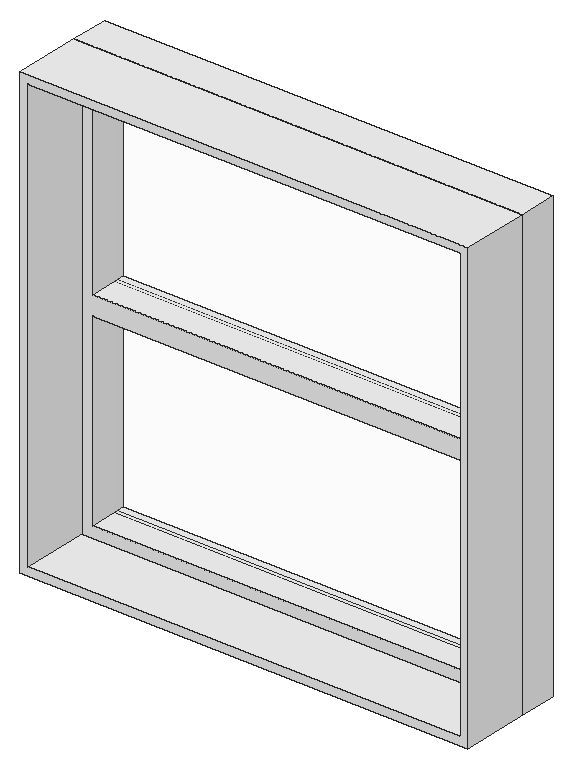
Revit family "Double Horizontal", category Windows, host Wall, Revit 2015
Parameters (values of type "12x12M")
  WindowBasalOpening = ""
  Wall Thickness [instance] = 300 mm
  URL = ""
  Total Glass Area = (Rough Height - Frame Width * 2) * (Rough Width - Frame Width * 2)  # 1.1881 m²
  Offset [instance] = 20 mm
  Module Width = Rough Width / 100 mm  # 12
  Module Height = Rough Height / 100 mm  # 12
  Material Jamb = none
  Jamb Width = 20 mm
  Jamb [instance] = yes
  Height Bottom = 600 mm
  Gap [instance] = 10 mm
  Rough Width = 1190 mm
  Rough Height = 1190 mm
  Model = ""
  Material Glass = none
  Material Frame = none
  Frame Width = 50 mm
  Height [instance] = Rough Height + Gap * 2  # 1210 mm
  Frame Depth = 100 mm
  Field 2 [instance] = Fixed : Fixed
  Field 1 [instance] = Fixed : Fixed
  Default Sill Height = 900 mm
  Wall Closure = By host
  Width [instance] = Rough Width + Gap * 2  # 1210 mm
  Assembly Code = ""
  Analytic Construction = "<None>"
Types (2, lengths in mm): name | Total Glass Area | Module Width | Module Height | Height Bottom | Rough Width | Rough Height | Material Glass | Material Frame | Height | Field 2 | Field 1 | Width
  12x12M | 1.1881 m² | 12 | 12 | 600 | 1190 | 1190 | none | none | 1210 | Fixed : Fixed | Fixed : Fixed | 1210
  10x29M | 2.46085 m² | 10 | 29 | 1400 | 990 | 2865 | Glass | svart metall | 2885 | Opening : Opening | Opening : Opening | 1010
Reference planes
  plane 1 "Center (Front/Back)": y = -20
  plane 2 "Center (Left/Right)": x = -42.398
  plane 3 "Left": x = -647.398
  plane 4 "Right": x = 562.602
  plane 5 "Sill": z = 900
  plane 6 "Head": z = 2110
  plane 7 "Exterior": y = 130
  plane 8 "Interior": y = -170
  plane 9: x = -637.398
  plane 10: x = 552.602
  plane 11: z = 910
  plane 12: z = 2100
  plane 13 "Offset": y = 110
  plane 14 "Offset Jamb": y = 10
  plane 15 "Frame Width R": x = 502.602
  plane 16 "Frame Width L": x = -587.398
  plane 17: z = 2050
  plane 18: z = 960
  plane 19: x = -647.398
  plane 20: x = 562.602
  plane 21: z = 900
  plane 22: z = 2110
  plane 23: z = 1510
  plane 24: z = 1460
Forms (mm)
  Extrusion 1, solid, material <- "Material Frame"
    sketch origin (0, 110, 0) x (-1, 0, 0) y (0, 0, 1)
      loop
        line (-552.602, 2100) -> (-552.602, 910) -> (637.398, 910) -> (637.398, 2100) -> (-552.602, 2100)
      loop
        line (-502.602, 960) -> (587.398, 960) -> (587.398, 1460) -> (-502.602, 1460) -> (-502.602, 960)
      loop
        line (-502.602, 2050) -> (-502.602, 1510) -> (587.398, 1510) -> (587.398, 2050) -> (-502.602, 2050)
    from 0 to -100
  Extrusion 2, solid, material <- "Material Jamb", visible <- "Jamb", detail levels medium+fine
    sketch origin (0, 10, 0) x (-1, 0, 0) y (0, 0, 1)
      loop
        line (-552.602, 2100) -> (-552.602, 910) -> (637.398, 910) -> (637.398, 2100) -> (-552.602, 2100)
      loop
        line (617.398, 2080) -> (-532.602, 2080) -> (-532.602, 930) -> (617.398, 930) -> (617.398, 2080)
    from 0 to -180
Lines and regions (mm)
  Opening 1
    outline origin (3500, -170, 0) x (1, 0, 0) y (0, 0, 1)
      loop
        line (-2937.398, 900) -> (-2937.398, 2110) -> (-4147.398, 2110) -> (-4147.398, 900) -> (-2937.398, 900)
Text (mm)
  text "EXTERIOR" at (-1981.535, 863.181, 0), in view "Ref. Level"
  text "INTERIOR" at (-2017.992, -707.606, 0), in view "Ref. Level"
  text "Exterior" at (0, 923.751, 2943.296), in view "Right"
  text "Exterior" at (0, 1019.841, 2788.626), in view "Left"
Dimensions and locks
  equal spacing: plane 3 "Left", plane 2 "Center (Left/Right)", plane 4 "Right"
  "Rough Width": plane 9 to plane 10
  "Rough Height": plane 11 to plane 12
  "Default Sill Height": plane 21 to level
  locked: plane 7 "Exterior" to host wall
  locked: plane 8 "Interior" to host wall
  "Gap": plane 12 to plane 6 "Head"
  "Gap": plane 5 "Sill" to plane 11
  "Gap": plane 10 to plane 4 "Right"
  "Gap": plane 9 to plane 3 "Left"
  "Offset": plane 13 "Offset" to plane 7 "Exterior"
  "Frame Depth": plane 13 "Offset" to plane 14 "Offset Jamb"
  equal spacing: plane 8 "Interior", plane 1 "Center (Front/Back)", plane 7 "Exterior"
  "Frame Width": plane 17 to plane 12
  "Frame Width": plane 16 "Frame Width L" to plane 9
  "Frame Width": plane 11 to plane 18
  "Frame Width": plane 10 to plane 15 "Frame Width R"
  "Jamb Width": Extrusion 2 sketch curve to Extrusion 2 sketch curve  (x4)
  "Wall Thickness": host wall to host wall
  "Height Bottom": plane 11 to plane 23
  "Frame Width": plane 24 to plane 23
  aligned and locked: plane 10 to Extrusion 1
  aligned and locked: Extrusion 1 to plane 9
  aligned and locked: plane 12 to Extrusion 1
  aligned and locked: Extrusion 1 to plane 11
  aligned and locked: Extrusion 1 to plane 14 "Offset Jamb"
  aligned and locked: plane 8 "Interior" to Extrusion 2
  aligned and locked: Extrusion 1 sketch curve to plane 15 "Frame Width R"  (x2)
  aligned and locked: Extrusion 1 sketch curve to plane 17
  aligned and locked: Extrusion 1 sketch curve to plane 16 "Frame Width L"  (x2)
  aligned and locked: Extrusion 2 sketch curve to plane 9
  aligned and locked: Extrusion 2 sketch curve to plane 12
  aligned and locked: Extrusion 2 sketch curve to plane 10
  aligned and locked: Extrusion 2 sketch curve to plane 11
  aligned and locked: plane 19 to plane 3 "Left"
  aligned and locked: plane 20 to plane 4 "Right"
  aligned and locked: plane 21 to plane 5 "Sill"
  aligned and locked: plane 22 to plane 6 "Head"
  aligned and locked: Extrusion 1 sketch curve to plane 18
  aligned and locked: plane 16 "Frame Width L" to nested 1
  aligned and locked: nested 2 to plane 15 "Frame Width R"
  aligned and locked: nested 1 to plane 17
  aligned and locked: plane 18 to nested 2
  aligned and locked: Extrusion 1 sketch curve to plane 24
  aligned and locked: Extrusion 1 sketch curve to plane 23
  aligned and locked: nested 1 to plane 23
  aligned and locked: nested 1 to plane 15 "Frame Width R"
  aligned and locked: nested 2 to plane 24
  aligned and locked: plane 16 "Frame Width L" to nested 2
Automatic sketch dimensions
  Opening 1 sketch curve to plane 3 "Left" = 0 mm
  Opening 1 sketch curve to plane 4 "Right" = 0 mm
  Opening 1 sketch curve to plane 5 "Sill" = 0 mm
  Opening 1 sketch curve to plane 6 "Head" = 0 mm
  Extrusion 1 sketch curve to plane 10 = 0 mm
  Extrusion 1 sketch curve to plane 9 = 0 mm
  Extrusion 1 sketch curve to plane 11 = 0 mm
  Extrusion 1 sketch curve to plane 12 = 0 mm
Nested families
  nested 1: "Fixed" at (-42.398, -20, 710), Offset <- "Offset", Material Glass <- "Material Glass", Material Frame <- "Material Frame", type "Fixed"
    with Width 1090 mm, Offset 20 mm, Material Glass none, Material Frame none, Height 540 mm, Frame Width 50 mm
  nested 2: "Fixed" at (-42.398, -20, 160), type <- "Field 1", Offset <- "Offset", Material Glass <- "Material Glass", Material Frame <- "Material Frame", type "Fixed"
    with Width 1090 mm, Offset 20 mm, Material Glass none, Material Frame none, Height 500 mm, Frame Width 50 mm
Definition of nested family "Fixed"
  Parameters (values of type "Fixed")
    Offset [instance] = 20 mm
    Material Glass [instance] = none
    Material Frame [instance] = none
    Height [instance] = 1500 mm
    Frame Width = 40 mm
    Default Sill Height = 800 mm
    Wall Closure = (empty or 0)
    Width [instance] = 1000 mm
    Analytic Construction = "<None>"
  Reference planes
    plane 1 "Center (Front/Back)": y = 0
    plane 2 "Center (Left/Right)": x = 0
    plane 3 "Left": x = -500
    plane 4 "Right": x = 500
    plane 5 "Sill": z = 800
    plane 6 "Head": z = 2300
    plane 7 "Exterior": y = 100
    plane 8 "Interior": y = -100
    plane 9 "Offset": y = 80
    plane 10: z = 1550
  Forms (mm)
    Extrusion 1, solid, material <- "Material Glass"
      sketch origin (0, 80, 0) x (-1, 0, 0) y (0, 0, 1)
        loop
          line (-500, 2300) -> (-500, 800) -> (500, 800) -> (500, 2300) -> (-500, 2300)
      from -20 to -30
  Lines and regions (mm)
    symbolic lines, detail levels fine
      curve 1: line (-500, 50, 0) -> (500, 50, 0)
      curve 2: line (500, 60, 0) -> (-500, 60, 0)
      curve 4: line (500, 50, 840) -> (500, 50, 2260)
      curve 5: line (500, 60, 2260) -> (500, 60, 840)
    symbolic lines, detail levels coarse+medium
      curve 3: line (-500, 55, 0) -> (500, 55, 0)
      curve 6: line (500, 55, 2260) -> (500, 55, 840)
  Text (mm)
    text "EXTERIOR" at (-1963.203, 1332.353, 0), in view "Ref. Level"
    text "INTERIOR" at (-1981.466, -818.386, 0), in view "Ref. Level"
    text "Exterior" at (0, 923.751, 2943.296), in view "Right"
    text "Exterior" at (0, 1040.484, 2685.409), in view "Left"
  Dimensions and locks
    equal spacing: plane 3 "Left", plane 2 "Center (Left/Right)", plane 4 "Right"
    "Width": plane 3 "Left" to plane 4 "Right"
    "Height": plane 5 "Sill" to plane 6 "Head"
    "Default Sill Height": plane 5 "Sill" to level
    locked: plane 7 "Exterior" to host wall at 0
    locked: plane 8 "Interior" to host wall
    "Offset": plane 9 "Offset" to plane 7 "Exterior"
    equal spacing: plane 5 "Sill", plane 10, plane 6 "Head"
    equal spacing: Extrusion 1, curve 3, Extrusion 1
    equal spacing: Extrusion 1, curve 6, Extrusion 1
    aligned and locked: Extrusion 1 to curve 1
    aligned and locked: Extrusion 1 to curve 2
    aligned and locked: Extrusion 1 to curve 4
    aligned and locked: Extrusion 1 to curve 5
    aligned and locked: plane 3 "Left" to Extrusion 1
    aligned and locked: plane 5 "Sill" to Extrusion 1
    aligned and locked: Extrusion 1 to plane 4 "Right"
    aligned and locked: Extrusion 1 to plane 6 "Head"
    aligned and locked: plane 3 "Left" to curve 1
    aligned and locked: plane 3 "Left" to curve 2
    aligned and locked: plane 4 "Right" to curve 1
    aligned and locked: plane 4 "Right" to curve 2
  Automatic sketch dimensions
    curve 6 to plane 5 "Sill" = 40 mm
    curve 5 to curve 6 = 0 mm  (x2)
    curve 6 to curve 4 = 0 mm  (x2)
    plane 6 "Head" to curve 6 = 40 mm
    plane 4 "Right" to Extrusion 1 sketch curve = 0 mm
    Extrusion 1 sketch curve to plane 3 "Left" = 0 mm
    Extrusion 1 sketch curve to plane 5 "Sill" = 0 mm
    plane 6 "Head" to Extrusion 1 sketch curve = 0 mm
    curve 3 to plane 3 "Left" = 0 mm
    curve 3 to plane 4 "Right" = 0 mm
